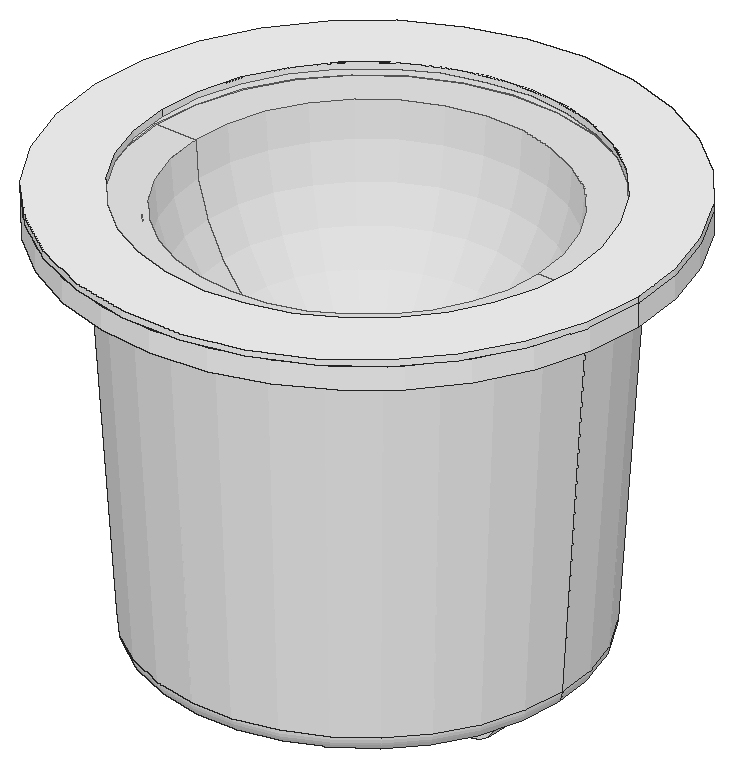
Revit family "2058866 Feilo Sylvania Lighting Fixture MYRD IP ST 4K PHDMEM WHT WBEZ", category Lighting Fixtures, host Face, Revit 2017
Family settings
  Host = Face
  Round Connector Dimension = Use Diameter
  Part Type = Normal
  OmniClass Number = 23.80.70.11.17
  OmniClass Title = Specialized Lighting by Location or Use
  Cut with Voids When Loaded = No
  Light Source = Yes
  Shared = No
  Room Calculation Point = No
Parameters
  Weight = "1.44 kg"
  Wattage = 12 W
  WarrantyStartDate [instance] = "n/a"
  WarrantyGuarantorParts = "n/a"
  WarrantyDurationUnit = "n/a"
  WarrantyDurationParts = "n/a"
  WarrantyDescription = "n/a"
  built-in parameter 1150110 = 1 (stored number, unit not read)
  Voltage = 230 V
  URL = "http://www.sylvania-lighting.com"
  TypeName = "MYRD IP ST 4K PHDMEM WHT WBEZ"
  Type Image = 0
  Type Comments = ""
  built-in parameter 1114217 = 1 (stored number, unit not read)
  Tilt Angle = -90°
  built-in parameter 1150109 = 1 (stored number, unit not read)
  built-in parameter 1150134 = 12
  built-in parameter 1150113 = 1 (stored number, unit not read)
  SerialNumber [instance] = "n/a"
  Reflector Radius = Cutout Diameter / 2 - 2.5 mm  # 35.0 mm
  Reflector Material = Aluminum_Sylvania_Myriad_Bright
  Recessed Depth = Height  # 72.0 mm
  PowerFactor = 0
  PowerConsumption = "12 W"
  Photometric Web File = ""
  NominalWidth = 0.0 mm
  NominalLength = 76.0 mm
  NominalHeight = 72.0 mm
  Name = "MYRD IP ST 4K PHDMEM WHT WBEZ"
  ModelReference = "MYRD IP ST 4K PHDMEM WHT WBEZ"
  ModelNumber = "2058866"
  Material = "Aluminium"
  ManufacturerName = "Feilo Sylvania"
  LuminousEfficacy = "113 lm/W"
  LuminaireType = "Ceiling recessed"
  LightOutputRatio = "1"
  LampsType = Lamp  # "LED"
  LampNominalLuminous = "1132 lm"
  LampMacAdamStep = "n/a"
  LampColourTemperature = "4000 K"
  LampColourRenderingIndex = "n/a"
  Keynote = "16500"
  Keynote_2 = "16500"
  InstallationDate [instance] = "n/a"
  InputVoltage = "230-240V~"
  InputNominalFrequency = "50/60 Hz"
  IngressProtection = "IP65"
  ImpactProtectionIndex = "IK02"
  IfcExportType = "IfcLightFixtureType"
  IfcExportAs = "IfcLightFixtureType"
  Height = 72.0 mm  # constant formula
  ExpectedLife = 50000
  Emit from Circle Diameter = Accessory Inner Diameter 2  # 68.0 mm
  Emit Shape Visible in Rendering = no
  ElectricShockClassification = "Class II"
  DurationUnit = "hours"
  DocumentationLiterature = "http://www.sylvania-lighting.com/product/en-int/products/2058866"
  DimmingControlOptions = "Dimmable"
  Diffuser Material = Glass_Sylvania_Myriad_Clear_4000K
  Diffuser Diameter = Cutout Diameter  # 75.0 mm
  Cutout Diameter = 75.0 mm  # constant formula
  CreatedOn = "03-11-2017"
  CreatedBy = ""
  Cost = 0
  built-in parameter 1114216 [instance] = 1 (stored number, unit not read)
  built-in parameter 1150142 = (empty or 0)
  Model = "MYRD IP ST 4K PHDMEM WHT WBEZ"
  Manufacturer = "Feilo Sylvania"  # constant formula
  built-in parameter 1150105 = 107.91 (stored number, unit not read)
  Lumens = 1356 lm
  built-in parameter 1150115 = 1 (stored number, unit not read)
  built-in parameter 1150137 = (empty or 0)
  built-in parameter 1150139 = (empty or 0)
  built-in parameter 1150112 = 1 (stored number, unit not read)
  built-in parameter 1150114 = 1 (stored number, unit not read)
  Lamp = "LED"
  built-in parameter 1150132 = (empty or 0)
  built-in parameter 1150102 = (empty or 0)
  built-in parameter 1150107 = 4000 (stored number, unit not read)
  built-in parameter 1150138 = (empty or 0)
  built-in parameter 1150106 = 1.0791 (stored number, unit not read)
  built-in parameter 1150104 = 10.498 (stored number, unit not read)
  Dimming Lamp Color Temperature Shift = (empty or 0)
  Description = "Supplied complete with electronic control gear Compact Fluorescent low energy downlight Emergency version passes through the cut out Ideal for low level orientation lighting New range of Architectural accessories each providing a different lit dimension New completely flush plaster up accessory ring for clean ceiling lines and smooth finish Order lamp separately"  # constant formula
  Default Elevation = 0.0 mm
  Color Filter = 16777215
  built-in parameter 1140040 [instance] = 1
  Body Radius = Reflector Radius + 1.5 mm  # 36.5 mm
  Body Material = Aluminum_Sylvania_Myriad_Gray
  BarCode [instance] = "n/a"
  built-in parameter 1114218 = 1 (stored number, unit not read)
  built-in parameter 1150133 = 10 (stored number, unit not read)
  AssetType = "Fixed"
  AssetIdentifier [instance] = "n/a"
  Assembly Code = "D5020200"
  Apparent Load = 12 VA
  Accessory Material = Aluminum_Sylvania_Myriad_White
  Accessory Inner Diameter 2 = Accessory Diameter - 22.0 mm  # 68.0 mm
  Accessory Inner Diameter 1 = Accessory Diameter - 2.0 mm  # 88.0 mm
  Accessory Diameter = Cutout Diameter + 15.0 mm  # 90.0 mm
Reference planes
  plane 1 "Center (Front/Back)": y = 0
  plane 2: z = 0
  plane 3 "Center (Left/Right)": x = 0
  plane 4: z = 2
  plane 5 "Fixture Bottom": z = 4.5
  plane 6: z = -28.5
  plane 7: z = -61.5
  plane 8 "Fixture Top": z = -67.5
  plane 9: z = 3.5
Forms (mm)
  Revolve 1, solid, material "Aluminum_Sylvania_Myriad_Bright" <- "Reflector Material", detail levels fine
    sketch origin (0, 0, 0) x (1, 0, 0) y (0, 0, 1)
      loop
        line (0, -27.515) -> (-6, -27.515)
        arc (-6, -27.515) -> (-22.333, -16.632) -> (-28.5, 2) r 30.135
        line (-28.5, 2) -> (-35, 2) -> (-35, 0) -> (-29.184, 0)
        arc (-29.184, 0) -> (-22.423, -18.18) -> (-6, -28.5) r 30.204
        line (-6, -28.5) -> (0, -28.5) -> (0, -27.515)
      axis (0, -28.5) -> (0, 2)
    angle from 0 to 360
  Revolve 2, solid, material "Aluminum_Sylvania_Myriad_Gray" <- "Body Material", detail levels fine
    sketch origin (0, 0, 0) x (1, 0, 0) y (0, 0, 1)
      loop
        line (-44, 2) -> (-44, 0) -> (-36.5, 0) -> (-32.42, -58.708)
        arc (-32.42, -58.708) -> (-31.474, -60.694) -> (-29.428, -61.5) r 3
        line (-29.428, -61.5) -> (0, -61.5) -> (0, -28.5) -> (-6, -28.5)
        arc (-6, -28.5) -> (-22.423, -18.18) -> (-29.184, 0) r 30.204
        line (-29.184, 0) -> (-35, 0) -> (-35, 2) -> (-44, 2)
      axis (0, 2) -> (0, -61.5)
    angle from 0 to 360
  Extrusion 3, solid, material "Aluminum_Sylvania_Myriad_Gray" <- "Body Material", detail levels fine
    sketch origin (0, 0, 0) x (1, 0, 0) y (0, 0, 1)
      loop
        line (-13.5, -67.5) -> (21, -67.5)
        arc (21, -67.5) -> (23.828, -66.328) -> (25, -63.5) r 4
        line (25, -63.5) -> (25, -61.5) -> (-17.5, -61.5) -> (-17.5, -63.5)
        arc (-17.5, -63.5) -> (-16.328, -66.328) -> (-13.5, -67.5) r 4
    from -4.5 to 4.5
  Extrusion 4, solid, material "Aluminum_Sylvania_Myriad_White" <- "Accessory Material", detail levels fine
    sketch origin (0, 0, 0) x (1, 0, 0) y (0, 1, 0)
      loop
        circle (0, 0) r 45
      loop
        circle (0, 0) r 44
    from 0 to 3.5
  Extrusion 5, solid, material "Aluminum_Sylvania_Myriad_White" <- "Accessory Material", detail levels fine
    sketch origin (0, 0, 0) x (1, 0, 0) y (0, 1, 0)
      loop
        circle (0, 0) r 45
      loop
        circle (0, 0) r 34
    from 3.5 to 4.5
  Extrusion 6, solid, material "Aluminum_Sylvania_Myriad_White" <- "Accessory Material", detail levels coarse+medium
    sketch origin (0, 0, 0) x (1, 0, 0) y (0, 1, 0)
      loop
        circle (0, 0) r 45
    from 0 to 4.5
  Revolve 7, solid, detail levels coarse+medium
    sketch origin (0, 0, 0) x (1, 0, 0) y (0, 0, 1)
      loop
        line (36.5, 0) -> (0, 0) -> (0, -61.5) -> (32.226, -61.5) -> (36.5, 0)
      axis (0, 0) -> (0, -61.5)
    angle from 0 to 360
  Extrusion 8, void
    sketch origin (0, 0, 0) x (1, 0, 0) y (0, 1, 0)
      loop
        circle (0, 0) r 37.5
    from -67.5 to 0
  Extrusion 9, solid, material "Glass_Sylvania_Myriad_Clear_4000K" <- "Diffuser Material", detail levels fine
    sketch origin (0, 0, 0) x (1, 0, 0) y (0, 1, 0)
      loop
        circle (0, 0) r 37.5
    from 2 to 3.5
Cuts and joins
  joined: Extrusion 4, Extrusion 5
Lines and regions (mm)
  Masking region 1
    outline origin (0, 0, 0) x (1, 0, 0) y (0, 1, 0)
      loop
        circle (0, 0) r 45
  symbolic lines
    curve 1: arc (-34, 0, 0) -> (0, 34, 0) -> (34, 0, 0) r 34
    curve 2: arc (34, 0, 0) -> (0, -34, 0) -> (-34, 0, 0) r 34
Dimensions and locks
  locked: plane 7 to plane 8 "Fixture Top" at 6
  "Body Radius": Revolve 7 sketch curve to plane 3 "Center (Left/Right)"
  locked: Revolve 7 sketch curve to Revolve 7 sketch curve at 4.274
  plane 5 "Fixture Bottom" to plane 9 to plane 4 to plane 2 to plane 6 = 1.0 mm locked, 1.5 mm locked, 2.0 mm locked, 28.5 mm locked
  "Reflector Radius": Revolve 1 sketch curve to plane 3 "Center (Left/Right)"
  Revolve 1 sketch curve to Revolve 1 sketch curve to Revolve 1 sketch curve to Revolve 1 sketch curve = 6.5 mm locked, 22.5 mm locked, 0.0 mm locked
  "Reflector Radius": plane 3 "Center (Left/Right)" to Revolve 2 sketch curve
  Revolve 2 sketch curve to Revolve 2 sketch curve to Revolve 2 sketch curve = 7.5 mm locked, 1.5 mm locked
  Revolve 2 sketch curve to Revolve 2 sketch curve to Revolve 2 sketch curve = 5.816 mm locked, 23.184 mm locked
  Revolve 2 sketch curve to Revolve 2 sketch curve to Revolve 2 sketch curve = 2.58 mm locked, 2.993 mm locked
  "Accessory Diameter": diameter of Extrusion 4 sketch curve
  "Accessory Inner Diameter 1": diameter of Extrusion 4 sketch curve
  "Accessory Diameter": diameter of Extrusion 5 sketch curve
  "Accessory Diameter": diameter of Extrusion 6 sketch curve
  "Cutout Diameter": diameter of Extrusion 8 sketch curve
  "Accessory Inner Diameter 2": diameter of Extrusion 5 sketch curve
  "Diffuser Diameter": diameter of Extrusion 9 sketch curve
  aligned and locked: plane 2 to host face
  aligned and locked: level to host face
  aligned and locked: plane 1 "Center (Front/Back)" to imposter light
  aligned and locked: plane 3 "Center (Left/Right)" to imposter light
  aligned and locked: Revolve 1 sketch curve to imposter light
  aligned and locked: Extrusion 3 sketch curve to plane 8 "Fixture Top"
  aligned and locked: plane 7 to Extrusion 3 sketch curve
  aligned and locked: Extrusion 4 to plane 2
  aligned and locked: plane 9 to Extrusion 4
  aligned and locked: Extrusion 5 to plane 9
  aligned and locked: plane 5 "Fixture Bottom" to Extrusion 5
  aligned and locked: Extrusion 6 to plane 2
  aligned and locked: plane 5 "Fixture Bottom" to Extrusion 6
  aligned and locked: Extrusion 8 to plane 8 "Fixture Top"
  aligned and locked: plane 2 to Extrusion 8
  aligned and locked: Masking region 1 sketch curve to Extrusion 6  (x2)
  aligned and locked: Extrusion 9 to plane 4
  aligned and locked: plane 9 to Extrusion 9
  aligned and locked: plane 4 to Revolve 2 sketch curve
  aligned and locked: Revolve 2 sketch curve to plane 2
  aligned and locked: curve 1 to cut or joined group of Extrusion 4, Extrusion 5
  aligned and locked: curve 2 to cut or joined group of Extrusion 4, Extrusion 5
  aligned and locked: imposter light to plane 5 "Fixture Bottom"
Automatic sketch dimensions
  host sketch curve to host sketch curve = 1305.563 mm
  host sketch curve to host sketch curve = 1283.632 mm
  Extrusion 3 sketch curve to plane 7 = 2.0 mm
  Extrusion 3 sketch curve to plane 3 "Center (Left/Right)" = 13.5 mm
  plane 3 "Center (Left/Right)" to Extrusion 3 sketch curve = 21.0 mm
  Extrusion 3 sketch curve to Extrusion 3 sketch curve = 4.0 mm
  Revolve 1 sketch curve to level = 0.0 mm
  Revolve 1 sketch curve to plane 3 "Center (Left/Right)" = 0.0 mm
  Revolve 1 sketch curve to plane 6 = 0.0 mm
  Revolve 1 sketch curve to plane 4 = 0.0 mm
  Revolve 1 sketch curve to Revolve 1 sketch curve = 0.684 mm
  level to Revolve 1 sketch curve = 0.88 mm
  Revolve 1 sketch curve to plane 4 = 0.363 mm
  Revolve 1 sketch curve to Revolve 1 sketch curve = 0.625 mm
  Revolve 1 sketch curve to plane 8 "Fixture Top" = 232.8 mm
  plane 5 "Fixture Bottom" to Revolve 1 sketch curve = 291.243 mm
  Revolve 2 sketch curve to plane 3 "Center (Left/Right)" = 0.0 mm  (x2)
  Revolve 2 sketch curve to plane 7 = 0.0 mm
  Revolve 2 sketch curve to plane 6 = 0.0 mm
  Revolve 2 sketch curve to level = 0.0 mm
  level to Revolve 2 sketch curve = 0.88 mm
  plane 7 to Revolve 2 sketch curve = 2.792 mm
  Revolve 2 sketch curve to plane 8 "Fixture Top" = 304.774 mm
  plane 5 "Fixture Bottom" to Revolve 2 sketch curve = 1137.105 mm
  Extrusion 4 sketch curve to Extrusion 4 sketch curve = 0.0 mm  (x2)
  plane 1 "Center (Front/Back)" to Extrusion 4 sketch curve = 0.0 mm
  Extrusion 4 sketch curve to plane 3 "Center (Left/Right)" = 0.0 mm
  Extrusion 5 sketch curve to Extrusion 5 sketch curve = 0.0 mm  (x2)
  plane 1 "Center (Front/Back)" to Extrusion 5 sketch curve = 0.0 mm
  Extrusion 5 sketch curve to plane 3 "Center (Left/Right)" = 0.0 mm
  plane 1 "Center (Front/Back)" to Extrusion 6 sketch curve = 0.0 mm
  Extrusion 6 sketch curve to plane 3 "Center (Left/Right)" = 0.0 mm
  Revolve 7 sketch curve to level = 0.0 mm
  Revolve 7 sketch curve to plane 3 "Center (Left/Right)" = 0.0 mm  (x2)
  Revolve 7 sketch curve to plane 7 = 0.0 mm
  Revolve 7 sketch curve to plane 8 "Fixture Top" = 304.774 mm
  plane 5 "Fixture Bottom" to Revolve 7 sketch curve = 43.226 mm
  plane 1 "Center (Front/Back)" to Extrusion 8 sketch curve = 0.0 mm
  Extrusion 8 sketch curve to plane 3 "Center (Left/Right)" = 0.0 mm
  plane 1 "Center (Front/Back)" to Extrusion 9 sketch curve = 0.0 mm
  Extrusion 9 sketch curve to plane 3 "Center (Left/Right)" = 0.0 mm
Connectors
  electrical at (-0.006, -0.019, -67.5), driven by "Apparent Load", driven by "Apparent Load"
    settings: on plane 8 "Fixture Top", index 1, voltage 230 V, apparent load 12 VA, apparent load phase1 12 VA, apparent load phase2 0 VA, apparent load phase3 0 VA, power factor 1, load classification "Lighting", number of poles 1, system type 30, power factor state 1, is connector primary yes, connector utility no, sub classification motor no, connector description ""
